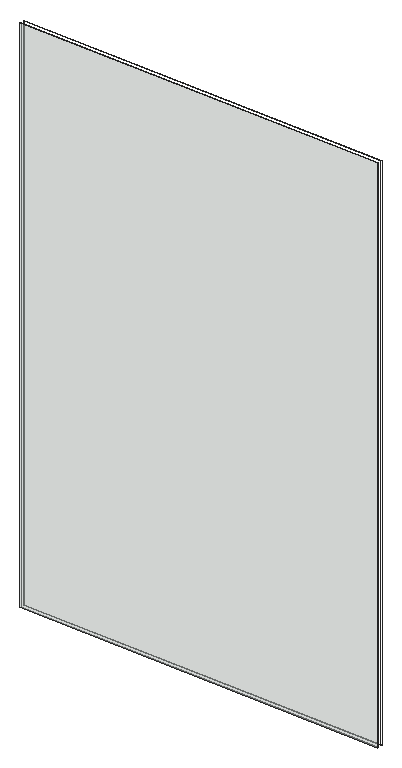
Revit family "Building-Materials_Glass-Glazing_Vitro-Architectural-Glass_SOLARBAN-67", category Curtain Panels, Revit 2026
Family settings
  Classification Number = 23.25.20.14.11.11.17
  Always vertical = Yes
  Cut with Voids When Loaded = No
  Shared = No
Parameters (values of type "Solarban 67 (2) Starphire + Starphire")
  Visual Light Transmittance = if(Glass Code = 1, 0.54, if(Glass Code = 2, 0.57, if(Glass Code = 3, 0.56, 0)))  # 0.57
  UV Light Transmittance = 0.15
  URL = "https://www.vitroglazings.com/"
  U-Value Argon (Winter Night) = 0.2400 BTU/(h·ft²·°F)
  U-Value Argon (Summer Day) = 0.2200 BTU/(h·ft²·°F)
  U-Value Air (Winter Night) = 0.2900 BTU/(h·ft²·°F)
  U-Value Air (Summer Day) = 0.2700 BTU/(h·ft²·°F)
  Total Thickness = Airspace Thickness + [1st Lite Thickness] + [2nd Lite Thickness]  # 0' - 1"
  Thermal Resistance (R) = 8.3333 (h·ft²·°F)/BTU  # constant formula
  Solar Light Transmittance = 0.28
  Solar Heat Gain Coefficient = if(Glass Code = 1, 0.29, if(Glass Code = 2, 0.3, if(Glass Code = 3, 0.3, 0)))  # 0.3
  Shadow Coefficient = 0.34
  Reflectance (Visible Interior) = 16
  Reflectance (Visible Exterior) = 20
  Product data url = "https://www.bimobject.com/vitroarchictecturalglass/product/solarban-67-glass"
  Product Page URL = "https://www.vitroglazings.com/products/low-e-glass/solarban-67-glass/"
  Product Guid = "068b2d00-a5a0-458f-94ef-be16d9bf08e3"
  Model = "Solarban 67 (2) Starphire + Starphire"
  Manufacturer = "Vitro Architectural Glass "  # constant formula
  Light to Solar Gain = 1.9
  Keynote = "08900"  # constant formula
  Interior Glass Material = Vitro Architectural-Glass - Starphire
  ISO Damage Weighted Transmittance = 0.433
  Heat Transfer Coefficient (U) = 0.2900 BTU/(h·ft²·°F)  # constant formula
  Glass Code = 2
  Finish = "Glass"  # constant formula
  Exterior Glass Material = Vitro Architectural-Glass - Solarban 67 (2) Starphire
  Description = "Engineered with a proprietary double-silver, magnetron-sputtered vacuum deposition (MSVD) coating developed by Vitro Architectural Glass (formerly PPG glass), Solarban® 67 glass accurately transmits and reflects the tone and brightness of ambient light and color. The crispness and clarity of Solarban® 67 glass is further enhanced by its low interior and exterior reflectivity."  # constant formula
  Define Thermal Properties by = Schematic Type
  Assembly Code = "B2020220"
  Analytic Construction = "Low-E double glazing (1/4 in + 1/4 in)"
  Airspace Thickness = 0' - 0 1/2"  # constant formula
  2nd Lite Thickness = 0' - 0 1/4"  # constant formula
  1st Lite Thickness = 0' - 0 1/4"  # constant formula
Types (3): name | Visual Light Transmittance | UV Light Transmittance | Solar Light Transmittance | Solar Heat Gain Coefficient | Reflectance (Visible Exterior) | Model | Light to Solar Gain | Interior Glass Material | ISO Damage Weighted Transmittance | Glass Code | Exterior Glass Material
  Solarban 67 (2) Clear + Clear | 0.54 | 0.11 | 0.24 | 0.29 | 19 | "Solarban 67 (2) Clear + Clear" | 1.86 | Vitro Architectural-Glass - Clear | 0.399 | 1 | Vitro Architectural-Glass - Solarban 67 (2) Clear
  Solarban 67 (2) Starphire + Starphire | 0.57 | 0.15 | 0.28 | 0.3 | 20 | "Solarban 67 (2) Starphire + Starphire" | 1.9 | Vitro Architectural-Glass - Starphire | 0.433 | 2 | Vitro Architectural-Glass - Solarban 67 (2) Starphire
  Solarban 67 (2) Acuity + Acuity | 0.56 | 0.14 | 0.27 | 0.3 | 19 | "Solarban 67 (2) Acuity + Acuity" | 1.87 | Vitro Architectural-Glass - Acuity | 0.422 | 3 | Vitro Architectural-Glass - Solarban 67 (2) Acuity
Reference planes (in)
  plane 1 "Front": y = 0
  plane 2: z = 0
  plane 3 "Center (Left/Right)": x = 0
  plane 4 "Left": x = -32.75106
  plane 5 "Right": x = 32.75106
  plane 6 "Top": z = 96
  plane 7: y = 0.25
  plane 8: y = -0.25
Forms (in)
  Extrusion 1, solid, material "Vitro Architectural-Glass - Starphire" <- "Interior Glass Material"
    sketch origin (0, 0.5, 0) x (1, 0, 0) y (0, 1, 0)
      loop
        line (-32.75106, 0) -> (-32.75106, -0.25) -> (32.75106, -0.25) -> (32.75106, 0) -> (-32.75106, 0)
    from 0 to 96
  Extrusion 2, solid, material "Vitro Architectural-Glass - Solarban 67 (2) Starphire" <- "Exterior Glass Material"
    sketch origin (0, -0.5, 0) x (1, 0, 0) y (0, 1, 0)
      loop
        line (-32.75106, 0.25) -> (-32.75106, 0) -> (32.75106, 0) -> (32.75106, 0.25) -> (-32.75106, 0.25)
    from 0 to 96
Text (in)
  text "Exterior" at (-54.29358, 31.38743, 0), in view "Ref. Level"
  text "Exterior" at (480, 41.53993, 89.60405), in view "Right"
  text "Exterior" at (-240, 57.82419, 105.78864), in view "Left"
Dimensions and locks (in)
  equal spacing: plane 4 "Left", plane 3 "Center (Left/Right)", plane 5 "Right"
  "2nd Lite Thickness": Extrusion 2 sketch curve to Extrusion 2 sketch curve
  equal spacing: plane 7, plane 1 "Front", plane 8
  "Airspace Thickness": plane 7 to plane 8
  "1st Lite Thickness": Extrusion 1 sketch curve to plane 7
  "Total Thickness": Extrusion 2 to Extrusion 1
  aligned and locked: level to plane 2
  aligned and locked: Extrusion 1 sketch curve to plane 4 "Left"
  aligned and locked: plane 5 "Right" to Extrusion 1 sketch curve
  aligned and locked: plane 5 "Right" to Extrusion 2 sketch curve
  aligned and locked: Extrusion 2 sketch curve to plane 4 "Left"
  aligned and locked: Extrusion 1 to plane 6 "Top"
  aligned and locked: Extrusion 1 to level
  aligned and locked: Extrusion 2 to plane 6 "Top"
  aligned and locked: Extrusion 2 to level
  aligned and locked: plane 8 to Extrusion 2
  aligned and locked: plane 7 to Extrusion 1 sketch curve
  aligned and locked: Extrusion 2 sketch curve to plane 8
